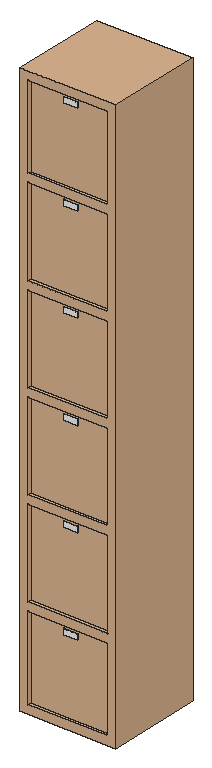
Revit family
Parameters (values of type "Locker_Athletic_Six-Tier_ASI")
  Width = 1' - 0"
  Warranty Duration (Years) = 0
  URL = "http://www.asilockers.com/"
  Tall = Height > 5' 0"  # yes
  Specification = "http://www.arcat.com/sdspecs/htm/10503asi.htm"
  Send Message = "http://www.arcat.com/users.pl?action=UserEmail&company=ASI%20Storage%20Solutions%20Inc.&coid=42798&rep=139&fax=901-312-6197&mf="
  Sales Information = "http://www.asilockers.com/company.html"
  Revision = "R1_08-2010"
  Product Properties = "http://www.arcat.com/bim/bim_info.pl?fn=ASIStorage"
  Product Data = "http://www.arcat.com/arcatcos/cos42/arc42798.html"
  Number Plate Material = Metal - Polished Aluminum
  Model = "As Specified in 10 51 13"
  Material = Metal - Mild Steel, ASTM A1008
  Manufacturer Website = "http://www.asilockers.com/"
  Manufacturer Phone = "901-312-6195 "
  Manufacturer Fax = "901-312-6197"
  Manufacturer Address = "4444 Delp St., Memphis, TN 38118"
  Manufacturer = "ASI Storage Solutions Inc."
  Maintenance Schedule (Months) = 0
  Lock Catch Trim = Plastic - White
  Keynote = "10 51 13"
  Installation-Fabrication = "http://www.asilockers.com/installation-assembly/installation.pdf"
  Installation Phase = ""
  Height = 6' - 0"
  Finish = "Hybrid Epoxy/Polyester Powder Coating"
  Expected Lifespan (Years) = 0
  Drawn By = "Robert S. Weygant, CSI, CDT, SCIP"
  Description = "As Specified in 10 51 13"
  Depth = 1' - 0"
  Copyright = "2010, ARCAT, Inc"
  Construction Details = "http://www.asilockers.com/installation-assembly/one-page-assembly.pdf"
  Color Chart = "http://www.asilockers.com/color-guide.html"
  Color [instance] = Paint - Almond #03
  Assembly Code = "E2010200"
Reference planes (in)
  plane 1 "Center (Front/Back)": y = 0
  plane 2 "Bottom": z = 0
  plane 3 "Center (Left/Right)": x = 0
  plane 4 "Front": y = -6
  plane 5 "Back": y = 6
  plane 6 "Left": x = -6
  plane 7 "Right": x = 6
  plane 8 "Top": z = 72
  plane 9 "TO Legs": z = 0
  plane 10 "General Ref 2": z = 60
  plane 11 "General Ref 3": z = 48
  plane 12 "General Ref 4": z = 36
  plane 13 "General Ref 1": z = 71.5
  plane 14 "General Ref 5": z = 0.5
  plane 15 "General Ref 6": z = 24
  plane 16 "General Ref 7": z = 12
Forms (in)
  Extrusion 1, solid, material "Paint - Almond #03" <- "Color"
    sketch origin (0, 0, 0) x (1, 0, 0) y (0, 0, 1)
      loop
        line (-6, 72) -> (-6, 0) -> (6, 0) -> (6, 72) -> (-6, 72)
      loop
        line (5, 71) -> (-5, 71) -> (-5, 60.5) -> (5, 60.5) -> (5, 71)
      loop
        line (-5, 1) -> (5, 1) -> (5, 11.5) -> (-5, 11.5) -> (-5, 1)
      loop
        line (-5, 59.5) -> (-5, 48.5) -> (5, 48.5) -> (5, 59.5) -> (-5, 59.5)
      loop
        line (-5, 47.5) -> (-5, 36.5) -> (5, 36.5) -> (5, 47.5) -> (-5, 47.5)
      loop
        line (-5, 35.5) -> (-5, 24.5) -> (5, 24.5) -> (5, 35.5) -> (-5, 35.5)
      loop
        line (-5, 23.5) -> (-5, 12.5) -> (5, 12.5) -> (5, 23.5) -> (-5, 23.5)
    from -6 to 6
  Extrusion 2, solid, material "Paint - Almond #03" <- "Color"
    sketch origin (0, 0, 0) x (1, 0, 0) y (0, 0, 1)
      loop
        line (5, 71) -> (-5, 71) -> (-5, 1) -> (5, 1) -> (5, 71)
    from -6 to 5.52075
Cuts and joins
  joined: Extrusion 1, Extrusion 2
Lines and regions (in)
  model lines
    curve 1: line (-6, -5, 71) -> (-6, 5, 71)
    curve 2: line (-6, 5, 71) -> (-6, 5, 1)
    curve 3: line (-6, -5, 1) -> (-6, -5, 71)
    curve 4: line (-6, 5, 1) -> (-6, -5, 1)
    curve 5: line (6, 5, 71) -> (6, -5, 71)
    curve 6: line (6, 5, 1) -> (6, 5, 71)
    curve 7: line (6, -5, 71) -> (6, -5, 1)
    curve 8: line (6, -5, 1) -> (6, 5, 1)
Dimensions and locks (in)
  equal spacing: plane 6 "Left", plane 3 "Center (Left/Right)", plane 7 "Right"
  equal spacing: plane 5 "Back", plane 1 "Center (Front/Back)", plane 4 "Front"
  "Width": plane 6 "Left" to plane 7 "Right"
  "Depth": plane 5 "Back" to plane 4 "Front"
  "Height": plane 8 "Top" to level
  locked: plane 4 "Front" to Extrusion 2 at 0.47925
  equal spacing: plane 8 "Top", plane 10 "General Ref 2", plane 11 "General Ref 3", plane 12 "General Ref 4", plane 15 "General Ref 6", plane 16 "General Ref 7", plane 9 "TO Legs"
  locked: plane 8 "Top" to plane 13 "General Ref 1" at 0.5
  locked: plane 14 "General Ref 5" to plane 9 "TO Legs" at 0.5
  locked: plane 13 "General Ref 1" to nested 1 at 1.5
  locked: plane 10 "General Ref 2" to nested 2 at 1.5
  locked: plane 11 "General Ref 3" to nested 3 at 1.5
  locked: plane 12 "General Ref 4" to nested 4 at 1.5
  locked: plane 15 "General Ref 6" to nested 5 at 1.5
  locked: plane 16 "General Ref 7" to nested 6 at 1.5
  locked: nested 7 to plane 3 "Center (Left/Right)" at 0.25
  equal spacing: plane 16 "General Ref 7", nested 10, plane 14 "General Ref 5"
  equal spacing: plane 15 "General Ref 6", nested 12, plane 16 "General Ref 7"
  equal spacing: plane 12 "General Ref 4", nested 14, plane 15 "General Ref 6"
  equal spacing: plane 11 "General Ref 3", nested 16, plane 12 "General Ref 4"
  equal spacing: plane 10 "General Ref 2", nested 18, plane 11 "General Ref 3"
  equal spacing: plane 13 "General Ref 1", nested 20, plane 10 "General Ref 2"
  aligned and locked: plane 5 "Back" to Extrusion 1
  aligned and locked: Extrusion 1 to plane 4 "Front"
  aligned and locked: plane 5 "Back" to Extrusion 2
  aligned and locked: plane 3 "Center (Left/Right)" to nested 1
  aligned and locked: plane 3 "Center (Left/Right)" to nested 2
  aligned and locked: plane 3 "Center (Left/Right)" to nested 3
  aligned and locked: plane 3 "Center (Left/Right)" to nested 5
  aligned and locked: plane 3 "Center (Left/Right)" to nested 4
  aligned and locked: nested 9 to plane 1 "Center (Front/Back)"
  aligned and locked: plane 1 "Center (Front/Back)" to nested 8
  aligned and locked: nested 9 to plane 12 "General Ref 4"
  aligned and locked: nested 8 to plane 12 "General Ref 4"
  aligned and locked: cut or joined group of Extrusion 1, Extrusion 2 to nested 10
  aligned and locked: nested 10 to cut or joined group of Extrusion 1, Extrusion 2
  aligned and locked: cut or joined group of Extrusion 1, Extrusion 2 to nested 12
  aligned and locked: cut or joined group of Extrusion 1, Extrusion 2 to nested 14
  aligned and locked: cut or joined group of Extrusion 1, Extrusion 2 to nested 16
  aligned and locked: cut or joined group of Extrusion 1, Extrusion 2 to nested 18
  aligned and locked: cut or joined group of Extrusion 1, Extrusion 2 to nested 20
  aligned and locked: nested 7 to nested 11
  aligned and locked: nested 7 to nested 13
  aligned and locked: nested 7 to nested 15
  aligned and locked: nested 7 to nested 17
  aligned and locked: nested 7 to nested 19
  aligned and locked: nested 10 to nested 7
  aligned and locked: nested 12 to nested 11
  aligned and locked: nested 14 to nested 13
  aligned and locked: nested 16 to nested 15
  aligned and locked: nested 18 to nested 17
  aligned and locked: nested 20 to nested 19
Automatic sketch dimensions
  Extrusion 1 sketch curve to plane 6 "Left" = 0' - 0"
  Extrusion 1 sketch curve to plane 7 "Right" = 0' - 0"
  Extrusion 1 sketch curve to plane 9 "TO Legs" = 0' - 0"
  Extrusion 1 sketch curve to plane 8 "Top" = 0' - 0"
  plane 6 "Left" to Extrusion 1 sketch curve = 0' - 1"  (x5)
  Extrusion 1 sketch curve to Extrusion 1 sketch curve = 0' - 0"  (x5)
  Extrusion 1 sketch curve to plane 7 "Right" = 0' - 1"  (x2)
  Extrusion 1 sketch curve to plane 14 "General Ref 5" = 0' - 0 1/2"
  Extrusion 1 sketch curve to plane 16 "General Ref 7" = 0' - 0 1/2"
  plane 16 "General Ref 7" to Extrusion 1 sketch curve = 0' - 0 1/2"
  Extrusion 1 sketch curve to plane 15 "General Ref 6" = 0' - 0 1/2"
  plane 15 "General Ref 6" to Extrusion 1 sketch curve = 0' - 0 1/2"
  Extrusion 1 sketch curve to plane 12 "General Ref 4" = 0' - 0 1/2"
  plane 12 "General Ref 4" to Extrusion 1 sketch curve = 0' - 0 1/2"
  Extrusion 1 sketch curve to plane 11 "General Ref 3" = 0' - 0 1/2"
  plane 11 "General Ref 3" to Extrusion 1 sketch curve = 0' - 0 1/2"
  Extrusion 1 sketch curve to plane 10 "General Ref 2" = 0' - 0 1/2"
  plane 10 "General Ref 2" to Extrusion 1 sketch curve = 0' - 0 1/2"
  Extrusion 1 sketch curve to plane 13 "General Ref 1" = 0' - 0 1/2"
  plane 6 "Left" to Extrusion 2 sketch curve = 0' - 1"
  Extrusion 2 sketch curve to plane 7 "Right" = 0' - 1"
  Extrusion 2 sketch curve to plane 14 "General Ref 5" = 0' - 0 1/2"
  Extrusion 2 sketch curve to plane 13 "General Ref 1" = 0' - 0 1/2"
  curve 4 to Extrusion 1 = 0' - 1"
  Extrusion 1 to curve 3 = 0' - 1"  (x2)
  Extrusion 1 to curve 2 = 0' - 1"
  Extrusion 1 to curve 5 = 0' - 1"  (x2)
  Extrusion 1 to curve 7 = 0' - 1"
  Extrusion 1 to curve 6 = 0' - 1"
Nested families (in)
  nested 1: "Number Plate" at (0, -5.52075, 70) x (1, 0, 0) z (0, -1, 0), type "Number Plate"
  nested 2: "Number Plate" at (0, -5.52075, 58.5) x (1, 0, 0) z (0, -1, 0), type "Number Plate"
  nested 3: "Number Plate" at (0, -5.52075, 46.5) x (1, 0, 0) z (0, -1, 0), type "Number Plate"
  nested 4: "Number Plate" at (0, -5.52075, 34.5) x (1, 0, 0) z (0, -1, 0), type "Number Plate"
  nested 5: "Number Plate" at (0, -5.52075, 22.5) x (1, 0, 0) z (0, -1, 0), type "Number Plate"
  nested 6: "Number Plate" at (0, -5.52075, 10.5) x (1, 0, 0) z (0, -1, 0), type "Number Plate"
  nested 7: "Grille-Diamonds-7x4sm" at (0.25, -5.52075, 6.25) x (1, 0, 0) z (0, -1, 0), type "Grille-Diamonds-7x4sm"
  nested 8: "Grille-Diamonds-3x38or32" at (-6, 0, 36) x (0, -1, 0) z (-1, 0, 0), type "Grille-Diamonds-3x38or32"
  nested 9: "Grille-Diamonds-3x38or32" at (6, 0, 36) x (0, 1, 0) z (1, 0, 0), type "Grille-Diamonds-3x38or32"
  nested 10: "Latch-Lines-6-Tier" at (-5, -5.52075, 6.25) x (1, 0, 0) z (0, -1, 0), type "Latch-Lines-6-Tier"
  nested 11: "Grille-Diamonds-7x4sm" at (0.25, -5.52075, 18) x (1, 0, 0) z (0, -1, 0), type "Grille-Diamonds-7x4sm"
  nested 12: "Latch-Lines-6-Tier" at (-5, -5.52075, 18) x (1, 0, 0) z (0, -1, 0), type "Latch-Lines-6-Tier"
  nested 13: "Grille-Diamonds-7x4sm" at (0.25, -5.52075, 30) x (1, 0, 0) z (0, -1, 0), type "Grille-Diamonds-7x4sm"
  nested 14: "Latch-Lines-6-Tier" at (-5, -5.52075, 30) x (1, 0, 0) z (0, -1, 0), type "Latch-Lines-6-Tier"
  nested 15: "Grille-Diamonds-7x4sm" at (0.25, -5.52075, 42) x (1, 0, 0) z (0, -1, 0), type "Grille-Diamonds-7x4sm"
  nested 16: "Latch-Lines-6-Tier" at (-5, -5.52075, 42) x (1, 0, 0) z (0, -1, 0), type "Latch-Lines-6-Tier"
  nested 17: "Grille-Diamonds-7x4sm" at (0.25, -5.52075, 54) x (1, 0, 0) z (0, -1, 0), type "Grille-Diamonds-7x4sm"
  nested 18: "Latch-Lines-6-Tier" at (-5, -5.52075, 54) x (1, 0, 0) z (0, -1, 0), type "Latch-Lines-6-Tier"
  nested 19: "Grille-Diamonds-7x4sm" at (0.25, -5.52075, 65.75) x (1, 0, 0) z (0, -1, 0), type "Grille-Diamonds-7x4sm"
  nested 20: "Latch-Lines-6-Tier" at (-5, -5.52075, 65.75) x (1, 0, 0) z (0, -1, 0), type "Latch-Lines-6-Tier"
Definition of nested family "Number Plate"
  Parameters
    Number Plate Material = none
    Default Elevation = 4' - 0"
  Reference planes (in)
    plane 1 "Center (Front/Back)": y = 0
    plane 2: z = 0
    plane 3 "Center (Left/Right)": x = 0
  Forms (in)
    Extrusion 1, solid, material "Metal - Polished Aluminum" <- "Number Plate Material"
      sketch origin (0, 50.91051, 0.0625) x (0, -1, 0) y (-1, 0, 0)
        loop
          line (51.25426, 0.84375) -> (50.56676, 0.84375) -> (50.56676, -0.84375) -> (51.25426, -0.84375) -> (51.25426, 0.84375)
      from 0 to 0.0625
  Dimensions and locks (in)
    Extrusion 1 to Extrusion 1 = 0' - 1 11/16"
Definition of nested family "Grille-Diamonds-7x4sm"
  Parameters (values of type "Grille-Diamonds-7x4sm")
    Default Elevation = 0' - 0"
    Assembly Code = ""
  Reference planes (in)
    plane 1 "Center (Front/Back)": y = 0
    plane 2: z = 0
    plane 3 "Center (Left/Right)": x = 0
  Forms (in)
    Extrusion 1, solid
      sketch origin (0, 0, 0) x (1, 0, 0) y (0, 1, 0)
        loop
          line (-48, 76.2223) -> (-48, -48) -> (48, -48) -> (48, 76.2223) -> (-48, 76.2223)
      from 0 to -12
  Lines and regions (in)
    model lines
      curve 1: line (-0.81292, -1.03027, 0) -> (-1.05447, -1.49414, 0)
      curve 2: line (-0.81292, -1.95801, 0) -> (-1.05447, -1.49414, 0)
      curve 3: line (-0.81292, -1.03027, 0) -> (-0.57138, -1.49414, 0)
      curve 4: line (-0.81292, -1.95801, 0) -> (-0.57138, -1.49414, 0)
      curve 5: line (0, -1.03027, 0) -> (-0.24154, -1.49414, 0)
      curve 6: line (0, -1.95801, 0) -> (-0.24154, -1.49414, 0)
      curve 7: line (0, -1.03027, 0) -> (0.24154, -1.49414, 0)
      curve 8: line (0, -1.95801, 0) -> (0.24154, -1.49414, 0)
      curve 9: line (-0.40646, -1.45996, 0) -> (-0.16492, -0.99609, 0)
      curve 10: line (-0.40646, -0.53223, 0) -> (-0.16492, -0.99609, 0)
      curve 11: line (-0.40646, -1.45996, 0) -> (-0.64801, -0.99609, 0)
      curve 12: line (-0.40646, -0.53223, 0) -> (-0.64801, -0.99609, 0)
      curve 13: line (-0.81292, -0.03418, 0) -> (-1.05447, -0.49805, 0)
      curve 14: line (-0.81292, -0.96191, 0) -> (-1.05447, -0.49805, 0)
      curve 15: line (-0.81292, -0.03418, 0) -> (-0.57138, -0.49805, 0)
      curve 16: line (-0.81292, -0.96191, 0) -> (-0.57138, -0.49805, 0)
      curve 17: line (0, -0.03418, 0) -> (-0.24154, -0.49805, 0)
      curve 18: line (0, -0.96191, 0) -> (-0.24154, -0.49805, 0)
      curve 19: line (0, -0.03418, 0) -> (0.24154, -0.49805, 0)
      curve 20: line (0, -0.96191, 0) -> (0.24154, -0.49805, 0)
      curve 21: line (-0.40646, -0.46387, 0) -> (-0.16492, 0, 0)
      curve 22: line (-0.40646, 0.46387, 0) -> (-0.16492, 0, 0)
      curve 23: line (-0.40646, -0.46387, 0) -> (-0.64801, 0, 0)
      curve 24: line (-0.40646, 0.46387, 0) -> (-0.64801, 0, 0)
      curve 25: line (-0.81292, 0.96191, 0) -> (-1.05447, 0.49805, 0)
      curve 26: line (-0.81292, 0.03418, 0) -> (-1.05447, 0.49805, 0)
      curve 27: line (-0.81292, 0.96191, 0) -> (-0.57138, 0.49805, 0)
      curve 28: line (-0.81292, 0.03418, 0) -> (-0.57138, 0.49805, 0)
      curve 29: line (0, 0.96191, 0) -> (-0.24154, 0.49805, 0)
      curve 30: line (0, 0.03418, 0) -> (-0.24154, 0.49805, 0)
      curve 31: line (0, 0.96191, 0) -> (0.24154, 0.49805, 0)
      curve 32: line (0, 0.03418, 0) -> (0.24154, 0.49805, 0)
      curve 33: line (-0.40646, 0.53223, 0) -> (-0.16492, 0.99609, 0)
      curve 34: line (-0.40646, 1.45996, 0) -> (-0.16492, 0.99609, 0)
      curve 35: line (-0.40646, 0.53223, 0) -> (-0.64801, 0.99609, 0)
      curve 36: line (-0.40646, 1.45996, 0) -> (-0.64801, 0.99609, 0)
      curve 37: line (-0.81292, 1.95801, 0) -> (-1.05447, 1.49414, 0)
      curve 38: line (-0.81292, 1.03027, 0) -> (-1.05447, 1.49414, 0)
      curve 39: line (-0.81292, 1.95801, 0) -> (-0.57138, 1.49414, 0)
      curve 40: line (-0.81292, 1.03027, 0) -> (-0.57138, 1.49414, 0)
      curve 41: line (0, 1.95801, 0) -> (-0.24154, 1.49414, 0)
      curve 42: line (0, 1.03027, 0) -> (-0.24154, 1.49414, 0)
      curve 43: line (0, 1.95801, 0) -> (0.24154, 1.49414, 0)
      curve 44: line (0, 1.03027, 0) -> (0.24154, 1.49414, 0)
      curve 45: line (0.81292, -1.03027, 0) -> (1.05447, -1.49414, 0)
      curve 46: line (0.81292, -1.95801, 0) -> (1.05447, -1.49414, 0)
      curve 47: line (0.81292, -1.03027, 0) -> (0.57138, -1.49414, 0)
      curve 48: line (0.81292, -1.95801, 0) -> (0.57138, -1.49414, 0)
      curve 49: line (0.40646, -1.45996, 0) -> (0.16492, -0.99609, 0)
      curve 50: line (0.40646, -0.53223, 0) -> (0.16492, -0.99609, 0)
      curve 51: line (0.40646, -1.45996, 0) -> (0.64801, -0.99609, 0)
      curve 52: line (0.40646, -0.53223, 0) -> (0.64801, -0.99609, 0)
      curve 53: line (0.81292, -0.03418, 0) -> (1.05447, -0.49805, 0)
      curve 54: line (0.81292, -0.96191, 0) -> (1.05447, -0.49805, 0)
      curve 55: line (0.81292, -0.03418, 0) -> (0.57138, -0.49805, 0)
      curve 56: line (0.81292, -0.96191, 0) -> (0.57138, -0.49805, 0)
      curve 57: line (0.40646, -0.46387, 0) -> (0.16492, 0, 0)
      curve 58: line (0.40646, 0.46387, 0) -> (0.16492, 0, 0)
      curve 59: line (0.40646, -0.46387, 0) -> (0.64801, 0, 0)
      curve 60: line (0.40646, 0.46387, 0) -> (0.64801, 0, 0)
      curve 61: line (0.81292, 0.96191, 0) -> (1.05447, 0.49805, 0)
      curve 62: line (0.81292, 0.03418, 0) -> (1.05447, 0.49805, 0)
      curve 63: line (0.81292, 0.96191, 0) -> (0.57138, 0.49805, 0)
      curve 64: line (0.81292, 0.03418, 0) -> (0.57138, 0.49805, 0)
      curve 65: line (0.40646, 0.53223, 0) -> (0.16492, 0.99609, 0)
      curve 66: line (0.40646, 1.45996, 0) -> (0.16492, 0.99609, 0)
      curve 67: line (0.40646, 0.53223, 0) -> (0.64801, 0.99609, 0)
      curve 68: line (0.40646, 1.45996, 0) -> (0.64801, 0.99609, 0)
      curve 69: line (0.81292, 1.95801, 0) -> (1.05447, 1.49414, 0)
      curve 70: line (0.81292, 1.03027, 0) -> (1.05447, 1.49414, 0)
      curve 71: line (0.81292, 1.95801, 0) -> (0.57138, 1.49414, 0)
      curve 72: line (0.81292, 1.03027, 0) -> (0.57138, 1.49414, 0)
      curve 73: line (-2.43877, -1.03027, 0) -> (-2.68031, -1.49414, 0)
      curve 74: line (-2.43877, -1.95801, 0) -> (-2.68031, -1.49414, 0)
      curve 75: line (-2.43877, -1.03027, 0) -> (-2.19722, -1.49414, 0)
      curve 76: line (-2.43877, -1.95801, 0) -> (-2.19722, -1.49414, 0)
      curve 77: line (-1.62584, -1.03027, 0) -> (-1.86739, -1.49414, 0)
      curve 78: line (-1.62584, -1.95801, 0) -> (-1.86739, -1.49414, 0)
      curve 79: line (-1.62584, -1.03027, 0) -> (-1.3843, -1.49414, 0)
      curve 80: line (-1.62584, -1.95801, 0) -> (-1.3843, -1.49414, 0)
      curve 81: line (-2.0323, -1.45996, 0) -> (-1.79076, -0.99609, 0)
      curve 82: line (-2.0323, -0.53223, 0) -> (-1.79076, -0.99609, 0)
      curve 83: line (-2.0323, -1.45996, 0) -> (-2.27385, -0.99609, 0)
      curve 84: line (-2.0323, -0.53223, 0) -> (-2.27385, -0.99609, 0)
      curve 85: line (-2.43877, -0.03418, 0) -> (-2.68031, -0.49805, 0)
      curve 86: line (-2.43877, -0.96191, 0) -> (-2.68031, -0.49805, 0)
      curve 87: line (-2.43877, -0.03418, 0) -> (-2.19722, -0.49805, 0)
      curve 88: line (-2.43877, -0.96191, 0) -> (-2.19722, -0.49805, 0)
      curve 89: line (-1.62584, -0.03418, 0) -> (-1.86739, -0.49805, 0)
      curve 90: line (-1.62584, -0.96191, 0) -> (-1.86739, -0.49805, 0)
      curve 91: line (-1.62584, -0.03418, 0) -> (-1.3843, -0.49805, 0)
      curve 92: line (-1.62584, -0.96191, 0) -> (-1.3843, -0.49805, 0)
      curve 93: line (-2.0323, -0.46387, 0) -> (-1.79076, 0, 0)
      curve 94: line (-2.0323, 0.46387, 0) -> (-1.79076, 0, 0)
      curve 95: line (-2.0323, -0.46387, 0) -> (-2.27385, 0, 0)
      curve 96: line (-2.0323, 0.46387, 0) -> (-2.27385, 0, 0)
      curve 97: line (-2.43877, 0.96191, 0) -> (-2.68031, 0.49805, 0)
      curve 98: line (-2.43877, 0.03418, 0) -> (-2.68031, 0.49805, 0)
      curve 99: line (-2.43877, 0.96191, 0) -> (-2.19722, 0.49805, 0)
      curve 100: line (-2.43877, 0.03418, 0) -> (-2.19722, 0.49805, 0)
      curve 101: line (-1.62584, 0.96191, 0) -> (-1.86739, 0.49805, 0)
      curve 102: line (-1.62584, 0.03418, 0) -> (-1.86739, 0.49805, 0)
      curve 103: line (-1.62584, 0.96191, 0) -> (-1.3843, 0.49805, 0)
      curve 104: line (-1.62584, 0.03418, 0) -> (-1.3843, 0.49805, 0)
      curve 105: line (-2.0323, 0.53223, 0) -> (-1.79076, 0.99609, 0)
      curve 106: line (-2.0323, 1.45996, 0) -> (-1.79076, 0.99609, 0)
      curve 107: line (-2.0323, 0.53223, 0) -> (-2.27385, 0.99609, 0)
      curve 108: line (-2.0323, 1.45996, 0) -> (-2.27385, 0.99609, 0)
      curve 109: line (-2.43877, 1.95801, 0) -> (-2.68031, 1.49414, 0)
      curve 110: line (-2.43877, 1.03027, 0) -> (-2.68031, 1.49414, 0)
      curve 111: line (-2.43877, 1.95801, 0) -> (-2.19722, 1.49414, 0)
      curve 112: line (-2.43877, 1.03027, 0) -> (-2.19722, 1.49414, 0)
      curve 113: line (-1.62584, 1.95801, 0) -> (-1.86739, 1.49414, 0)
      curve 114: line (-1.62584, 1.03027, 0) -> (-1.86739, 1.49414, 0)
      curve 115: line (-1.62584, 1.95801, 0) -> (-1.3843, 1.49414, 0)
      curve 116: line (-1.62584, 1.03027, 0) -> (-1.3843, 1.49414, 0)
      curve 117: line (-1.21938, -1.45996, 0) -> (-1.46093, -0.99609, 0)
      curve 118: line (-1.21938, -0.53223, 0) -> (-1.46093, -0.99609, 0)
      curve 119: line (-1.21938, -1.45996, 0) -> (-0.97784, -0.99609, 0)
      curve 120: line (-1.21938, -0.53223, 0) -> (-0.97784, -0.99609, 0)
      curve 121: line (-1.21938, -0.46387, 0) -> (-1.46093, 0, 0)
      curve 122: line (-1.21938, 0.46387, 0) -> (-1.46093, 0, 0)
      curve 123: line (-1.21938, -0.46387, 0) -> (-0.97784, 0, 0)
      curve 124: line (-1.21938, 0.46387, 0) -> (-0.97784, 0, 0)
      curve 125: line (-1.21938, 0.53223, 0) -> (-1.46093, 0.99609, 0)
      curve 126: line (-1.21938, 1.45996, 0) -> (-1.46093, 0.99609, 0)
      curve 127: line (-1.21938, 0.53223, 0) -> (-0.97784, 0.99609, 0)
      curve 128: line (-1.21938, 1.45996, 0) -> (-0.97784, 0.99609, 0)
      curve 129: line (1.21938, -1.45996, 0) -> (1.46093, -0.99609, 0)
      curve 130: line (1.21938, -0.53223, 0) -> (1.46093, -0.99609, 0)
      curve 131: line (1.21938, -1.45996, 0) -> (0.97784, -0.99609, 0)
      curve 132: line (1.21938, -0.53223, 0) -> (0.97784, -0.99609, 0)
      curve 133: line (1.21938, -0.46387, 0) -> (1.46093, 0, 0)
      curve 134: line (1.21938, 0.46387, 0) -> (1.46093, 0, 0)
      curve 135: line (1.21938, -0.46387, 0) -> (0.97784, 0, 0)
      curve 136: line (1.21938, 0.46387, 0) -> (0.97784, 0, 0)
      curve 137: line (1.21938, 0.53223, 0) -> (1.46093, 0.99609, 0)
      curve 138: line (1.21938, 1.45996, 0) -> (1.46093, 0.99609, 0)
      curve 139: line (1.21938, 0.53223, 0) -> (0.97784, 0.99609, 0)
      curve 140: line (1.21938, 1.45996, 0) -> (0.97784, 0.99609, 0)
      curve 141: line (1.62584, -1.03027, 0) -> (1.3843, -1.49414, 0)
      curve 142: line (1.62584, -1.95801, 0) -> (1.3843, -1.49414, 0)
      curve 143: line (1.62584, -1.03027, 0) -> (1.86739, -1.49414, 0)
      curve 144: line (1.62584, -1.95801, 0) -> (1.86739, -1.49414, 0)
      curve 145: line (1.62584, -0.03418, 0) -> (1.3843, -0.49805, 0)
      curve 146: line (1.62584, -0.96191, 0) -> (1.3843, -0.49805, 0)
      curve 147: line (1.62584, -0.03418, 0) -> (1.86739, -0.49805, 0)
      curve 148: line (1.62584, -0.96191, 0) -> (1.86739, -0.49805, 0)
      curve 149: line (1.62584, 0.96191, 0) -> (1.3843, 0.49805, 0)
      curve 150: line (1.62584, 0.03418, 0) -> (1.3843, 0.49805, 0)
      curve 151: line (1.62584, 0.96191, 0) -> (1.86739, 0.49805, 0)
      curve 152: line (1.62584, 0.03418, 0) -> (1.86739, 0.49805, 0)
      curve 153: line (1.62584, 1.95801, 0) -> (1.3843, 1.49414, 0)
      curve 154: line (1.62584, 1.03027, 0) -> (1.3843, 1.49414, 0)
      curve 155: line (1.62584, 1.95801, 0) -> (1.86739, 1.49414, 0)
      curve 156: line (1.62584, 1.03027, 0) -> (1.86739, 1.49414, 0)
      curve 157: line (2.0323, -1.45996, 0) -> (2.27385, -0.99609, 0)
      curve 158: line (2.0323, -0.53223, 0) -> (2.27385, -0.99609, 0)
      curve 159: line (2.0323, -1.45996, 0) -> (1.79076, -0.99609, 0)
      curve 160: line (2.0323, -0.53223, 0) -> (1.79076, -0.99609, 0)
      curve 161: line (2.0323, -0.46387, 0) -> (2.27385, 0, 0)
      curve 162: line (2.0323, 0.46387, 0) -> (2.27385, 0, 0)
      curve 163: line (2.0323, -0.46387, 0) -> (1.79076, 0, 0)
      curve 164: line (2.0323, 0.46387, 0) -> (1.79076, 0, 0)
      curve 165: line (2.0323, 0.53223, 0) -> (2.27385, 0.99609, 0)
      curve 166: line (2.0323, 1.45996, 0) -> (2.27385, 0.99609, 0)
      curve 167: line (2.0323, 0.53223, 0) -> (1.79076, 0.99609, 0)
      curve 168: line (2.0323, 1.45996, 0) -> (1.79076, 0.99609, 0)
      curve 169: line (2.43877, -1.03027, 0) -> (2.19722, -1.49414, 0)
      curve 170: line (2.43877, -1.95801, 0) -> (2.19722, -1.49414, 0)
      curve 171: line (2.43877, -1.03027, 0) -> (2.68031, -1.49414, 0)
      curve 172: line (2.43877, -1.95801, 0) -> (2.68031, -1.49414, 0)
      curve 173: line (2.43877, -0.03418, 0) -> (2.19722, -0.49805, 0)
      curve 174: line (2.43877, -0.96191, 0) -> (2.19722, -0.49805, 0)
      curve 175: line (2.43877, -0.03418, 0) -> (2.68031, -0.49805, 0)
      curve 176: line (2.43877, -0.96191, 0) -> (2.68031, -0.49805, 0)
      curve 177: line (2.43877, 0.96191, 0) -> (2.19722, 0.49805, 0)
      curve 178: line (2.43877, 0.03418, 0) -> (2.19722, 0.49805, 0)
      curve 179: line (2.43877, 0.96191, 0) -> (2.68031, 0.49805, 0)
      curve 180: line (2.43877, 0.03418, 0) -> (2.68031, 0.49805, 0)
      curve 181: line (2.43877, 1.95801, 0) -> (2.19722, 1.49414, 0)
      curve 182: line (2.43877, 1.03027, 0) -> (2.19722, 1.49414, 0)
      curve 183: line (2.43877, 1.95801, 0) -> (2.68031, 1.49414, 0)
      curve 184: line (2.43877, 1.03027, 0) -> (2.68031, 1.49414, 0)
      curve 185: line (-0.40646, 1.52832, 0) -> (-0.16492, 1.99219, 0)
      curve 186: line (-0.40646, 2.45605, 0) -> (-0.16492, 1.99219, 0)
      curve 187: line (-0.40646, 1.52832, 0) -> (-0.64801, 1.99219, 0)
      curve 188: line (-0.40646, 2.45605, 0) -> (-0.64801, 1.99219, 0)
      curve 189: line (0.40646, 1.52832, 0) -> (0.16492, 1.99219, 0)
      curve 190: line (0.40646, 2.45605, 0) -> (0.16492, 1.99219, 0)
      curve 191: line (0.40646, 1.52832, 0) -> (0.64801, 1.99219, 0)
      curve 192: line (0.40646, 2.45605, 0) -> (0.64801, 1.99219, 0)
      curve 193: line (-2.0323, 1.52832, 0) -> (-1.79076, 1.99219, 0)
      curve 194: line (-2.0323, 2.45605, 0) -> (-1.79076, 1.99219, 0)
      curve 195: line (-2.0323, 1.52832, 0) -> (-2.27385, 1.99219, 0)
      curve 196: line (-2.0323, 2.45605, 0) -> (-2.27385, 1.99219, 0)
      curve 197: line (-1.21938, 1.52832, 0) -> (-1.46093, 1.99219, 0)
      curve 198: line (-1.21938, 2.45605, 0) -> (-1.46093, 1.99219, 0)
      curve 199: line (-1.21938, 1.52832, 0) -> (-0.97784, 1.99219, 0)
      curve 200: line (-1.21938, 2.45605, 0) -> (-0.97784, 1.99219, 0)
      curve 201: line (1.21938, 1.52832, 0) -> (1.46093, 1.99219, 0)
      curve 202: line (1.21938, 2.45605, 0) -> (1.46093, 1.99219, 0)
      curve 203: line (1.21938, 1.52832, 0) -> (0.97784, 1.99219, 0)
      curve 204: line (1.21938, 2.45605, 0) -> (0.97784, 1.99219, 0)
      curve 205: line (2.0323, 1.52832, 0) -> (2.27385, 1.99219, 0)
      curve 206: line (2.0323, 2.45605, 0) -> (2.27385, 1.99219, 0)
      curve 207: line (2.0323, 1.52832, 0) -> (1.79076, 1.99219, 0)
      curve 208: line (2.0323, 2.45605, 0) -> (1.79076, 1.99219, 0)
      curve 209: line (2.84523, -1.45996, 0) -> (2.60368, -0.99609, 0)
      curve 210: line (2.84523, -0.53223, 0) -> (2.60368, -0.99609, 0)
      curve 211: line (2.84523, -1.45996, 0) -> (3.08677, -0.99609, 0)
      curve 212: line (2.84523, -0.53223, 0) -> (3.08677, -0.99609, 0)
      curve 213: line (2.84523, -0.46387, 0) -> (2.60368, 0, 0)
      curve 214: line (2.84523, 0.46387, 0) -> (2.60368, 0, 0)
      curve 215: line (2.84523, -0.46387, 0) -> (3.08677, 0, 0)
      curve 216: line (2.84523, 0.46387, 0) -> (3.08677, 0, 0)
      curve 217: line (2.84523, 0.53223, 0) -> (2.60368, 0.99609, 0)
      curve 218: line (2.84523, 1.45996, 0) -> (2.60368, 0.99609, 0)
      curve 219: line (2.84523, 0.53223, 0) -> (3.08677, 0.99609, 0)
      curve 220: line (2.84523, 1.45996, 0) -> (3.08677, 0.99609, 0)
      curve 221: line (2.84523, 1.52832, 0) -> (2.60368, 1.99219, 0)
      curve 222: line (2.84523, 2.45605, 0) -> (2.60368, 1.99219, 0)
      curve 223: line (2.84523, 1.52832, 0) -> (3.08677, 1.99219, 0)
      curve 224: line (2.84523, 2.45605, 0) -> (3.08677, 1.99219, 0)
  Dimensions and locks (in)
    aligned and locked: plane 2 to Extrusion 1
    aligned and locked: level to Extrusion 1
Definition of nested family "Grille-Diamonds-3x38or32"
  Parameters (values of type "Grille-Diamonds-3x38or32")
    Tall = yes
    Default Elevation = 0' - 0"
    Assembly Code = ""
  Reference planes (in)
    plane 1 "Center (Front/Back)": y = 0
    plane 2: z = 0
    plane 3 "Center (Left/Right)": x = 0
  Forms (in)
    Extrusion 1, solid
      sketch origin (0, 0, 0) x (1, 0, 0) y (0, 1, 0)
        loop
          line (-48, 76.2223) -> (-48, -48) -> (48, -48) -> (48, 76.2223) -> (-48, 76.2223)
      from 0 to -12
  Lines and regions (in)
    model lines, visible <- "Tall"
      curve 1: line (-1.30067, -29.14062, 0) -> (-1.68715, -29.88281, 0)
      curve 2: line (-1.30067, -30.625, 0) -> (-1.68715, -29.88281, 0)
      curve 3: line (-1.30067, -29.14062, 0) -> (-0.9142, -29.88281, 0)
      curve 4: line (-1.30067, -30.625, 0) -> (-0.9142, -29.88281, 0)
      curve 5: line (0, -29.14062, 0) -> (-0.38647, -29.88281, 0)
      curve 6: line (0, -30.625, 0) -> (-0.38647, -29.88281, 0)
      curve 7: line (0, -29.14062, 0) -> (0.38647, -29.88281, 0)
      curve 8: line (0, -30.625, 0) -> (0.38647, -29.88281, 0)
      curve 9: line (-0.65034, -29.82812, 0) -> (-0.26387, -29.08594, 0)
      curve 10: line (-0.65034, -28.34375, 0) -> (-0.26387, -29.08594, 0)
      curve 11: line (-0.65034, -29.82812, 0) -> (-1.03681, -29.08594, 0)
      curve 12: line (-0.65034, -28.34375, 0) -> (-1.03681, -29.08594, 0)
      curve 13: line (-1.30067, -27.54687, 0) -> (-1.68715, -28.28906, 0)
      curve 14: line (-1.30067, -29.03125, 0) -> (-1.68715, -28.28906, 0)
      curve 15: line (-1.30067, -27.54687, 0) -> (-0.9142, -28.28906, 0)
      curve 16: line (-1.30067, -29.03125, 0) -> (-0.9142, -28.28906, 0)
      curve 17: line (0, -27.54687, 0) -> (-0.38647, -28.28906, 0)
      curve 18: line (0, -29.03125, 0) -> (-0.38647, -28.28906, 0)
      curve 19: line (0, -27.54687, 0) -> (0.38647, -28.28906, 0)
      curve 20: line (0, -29.03125, 0) -> (0.38647, -28.28906, 0)
      curve 21: line (-0.65034, -28.23437, 0) -> (-0.26387, -27.49219, 0)
      curve 22: line (-0.65034, -26.75, 0) -> (-0.26387, -27.49219, 0)
      curve 23: line (-0.65034, -28.23437, 0) -> (-1.03681, -27.49219, 0)
      curve 24: line (-0.65034, -26.75, 0) -> (-1.03681, -27.49219, 0)
      curve 25: line (-1.30067, -25.95312, 0) -> (-1.68715, -26.69531, 0)
      curve 26: line (-1.30067, -27.4375, 0) -> (-1.68715, -26.69531, 0)
      curve 27: line (-1.30067, -25.95312, 0) -> (-0.9142, -26.69531, 0)
      curve 28: line (-1.30067, -27.4375, 0) -> (-0.9142, -26.69531, 0)
      curve 29: line (0, -25.95312, 0) -> (-0.38647, -26.69531, 0)
      curve 30: line (0, -27.4375, 0) -> (-0.38647, -26.69531, 0)
      curve 31: line (0, -25.95312, 0) -> (0.38647, -26.69531, 0)
      curve 32: line (0, -27.4375, 0) -> (0.38647, -26.69531, 0)
      curve 421: line (-1.30067, 26.64062, 0) -> (-1.68715, 25.89844, 0)
      curve 422: line (-1.30067, 25.15625, 0) -> (-1.68715, 25.89844, 0)
      curve 423: line (-1.30067, 26.64062, 0) -> (-0.9142, 25.89844, 0)
      curve 424: line (-1.30067, 25.15625, 0) -> (-0.9142, 25.89844, 0)
      curve 425: line (0, 26.64062, 0) -> (-0.38647, 25.89844, 0)
      curve 426: line (0, 25.15625, 0) -> (-0.38647, 25.89844, 0)
      curve 427: line (0, 26.64062, 0) -> (0.38647, 25.89844, 0)
      curve 428: line (0, 25.15625, 0) -> (0.38647, 25.89844, 0)
      curve 429: line (-0.65034, 25.95312, 0) -> (-0.26387, 26.69531, 0)
      curve 430: line (-0.65034, 27.4375, 0) -> (-0.26387, 26.69531, 0)
      curve 431: line (-0.65034, 25.95312, 0) -> (-1.03681, 26.69531, 0)
      curve 432: line (-0.65034, 27.4375, 0) -> (-1.03681, 26.69531, 0)
      curve 433: line (-1.30067, 28.23437, 0) -> (-1.68715, 27.49219, 0)
      curve 434: line (-1.30067, 26.75, 0) -> (-1.68715, 27.49219, 0)
      curve 435: line (-1.30067, 28.23437, 0) -> (-0.9142, 27.49219, 0)
      curve 436: line (-1.30067, 26.75, 0) -> (-0.9142, 27.49219, 0)
      curve 437: line (0, 28.23437, 0) -> (-0.38647, 27.49219, 0)
      curve 438: line (0, 26.75, 0) -> (-0.38647, 27.49219, 0)
      curve 439: line (0, 28.23437, 0) -> (0.38647, 27.49219, 0)
      curve 440: line (0, 26.75, 0) -> (0.38647, 27.49219, 0)
      curve 441: line (-0.65034, 27.54687, 0) -> (-0.26387, 28.28906, 0)
      curve 442: line (-0.65034, 29.03125, 0) -> (-0.26387, 28.28906, 0)
      curve 443: line (-0.65034, 27.54687, 0) -> (-1.03681, 28.28906, 0)
      curve 444: line (-0.65034, 29.03125, 0) -> (-1.03681, 28.28906, 0)
      curve 445: line (-1.30067, 29.82812, 0) -> (-1.68715, 29.08594, 0)
      curve 446: line (-1.30067, 28.34375, 0) -> (-1.68715, 29.08594, 0)
      curve 447: line (-1.30067, 29.82812, 0) -> (-0.9142, 29.08594, 0)
      curve 448: line (-1.30067, 28.34375, 0) -> (-0.9142, 29.08594, 0)
      curve 449: line (0, 29.82812, 0) -> (-0.38647, 29.08594, 0)
      curve 450: line (0, 28.34375, 0) -> (-0.38647, 29.08594, 0)
      curve 451: line (0, 29.82812, 0) -> (0.38647, 29.08594, 0)
      curve 452: line (0, 28.34375, 0) -> (0.38647, 29.08594, 0)
      curve 453: line (-0.65034, 29.14062, 0) -> (-0.26387, 29.88281, 0)
      curve 454: line (-0.65034, 30.625, 0) -> (-0.26387, 29.88281, 0)
      curve 455: line (-0.65034, 29.14062, 0) -> (-1.03681, 29.88281, 0)
      curve 456: line (-0.65034, 30.625, 0) -> (-1.03681, 29.88281, 0)
      curve 457: line (1.30067, -29.14062, 0) -> (1.68715, -29.88281, 0)
      curve 458: line (1.30067, -30.625, 0) -> (1.68715, -29.88281, 0)
      curve 459: line (1.30067, -29.14062, 0) -> (0.9142, -29.88281, 0)
      curve 460: line (1.30067, -30.625, 0) -> (0.9142, -29.88281, 0)
      curve 461: line (0.65034, -29.82812, 0) -> (0.26387, -29.08594, 0)
      curve 462: line (0.65034, -28.34375, 0) -> (0.26387, -29.08594, 0)
      curve 463: line (0.65034, -29.82812, 0) -> (1.03681, -29.08594, 0)
      curve 464: line (0.65034, -28.34375, 0) -> (1.03681, -29.08594, 0)
      curve 465: line (1.30067, -27.54687, 0) -> (1.68715, -28.28906, 0)
      curve 466: line (1.30067, -29.03125, 0) -> (1.68715, -28.28906, 0)
      curve 467: line (1.30067, -27.54687, 0) -> (0.9142, -28.28906, 0)
      curve 468: line (1.30067, -29.03125, 0) -> (0.9142, -28.28906, 0)
      curve 469: line (0.65034, -28.23437, 0) -> (0.26387, -27.49219, 0)
      curve 470: line (0.65034, -26.75, 0) -> (0.26387, -27.49219, 0)
      curve 471: line (0.65034, -28.23437, 0) -> (1.03681, -27.49219, 0)
      curve 472: line (0.65034, -26.75, 0) -> (1.03681, -27.49219, 0)
      curve 473: line (1.30067, -25.95312, 0) -> (1.68715, -26.69531, 0)
      curve 474: line (1.30067, -27.4375, 0) -> (1.68715, -26.69531, 0)
      curve 475: line (1.30067, -25.95312, 0) -> (0.9142, -26.69531, 0)
      curve 476: line (1.30067, -27.4375, 0) -> (0.9142, -26.69531, 0)
      curve 737: line (1.30067, 26.64062, 0) -> (1.68715, 25.89844, 0)
      curve 738: line (1.30067, 25.15625, 0) -> (1.68715, 25.89844, 0)
      curve 739: line (1.30067, 26.64062, 0) -> (0.9142, 25.89844, 0)
      curve 740: line (1.30067, 25.15625, 0) -> (0.9142, 25.89844, 0)
      curve 741: line (0.65034, 25.95312, 0) -> (0.26387, 26.69531, 0)
      curve 742: line (0.65034, 27.4375, 0) -> (0.26387, 26.69531, 0)
      curve 743: line (0.65034, 25.95312, 0) -> (1.03681, 26.69531, 0)
      curve 744: line (0.65034, 27.4375, 0) -> (1.03681, 26.69531, 0)
      curve 745: line (1.30067, 28.23437, 0) -> (1.68715, 27.49219, 0)
      curve 746: line (1.30067, 26.75, 0) -> (1.68715, 27.49219, 0)
      curve 747: line (1.30067, 28.23437, 0) -> (0.9142, 27.49219, 0)
      curve 748: line (1.30067, 26.75, 0) -> (0.9142, 27.49219, 0)
      curve 749: line (0.65034, 27.54687, 0) -> (0.26387, 28.28906, 0)
      curve 750: line (0.65034, 29.03125, 0) -> (0.26387, 28.28906, 0)
      curve 751: line (0.65034, 27.54687, 0) -> (1.03681, 28.28906, 0)
      curve 752: line (0.65034, 29.03125, 0) -> (1.03681, 28.28906, 0)
      curve 753: line (1.30067, 29.82812, 0) -> (1.68715, 29.08594, 0)
      curve 754: line (1.30067, 28.34375, 0) -> (1.68715, 29.08594, 0)
      curve 755: line (1.30067, 29.82812, 0) -> (0.9142, 29.08594, 0)
      curve 756: line (1.30067, 28.34375, 0) -> (0.9142, 29.08594, 0)
      curve 757: line (0.65034, 29.14062, 0) -> (0.26387, 29.88281, 0)
      curve 758: line (0.65034, 30.625, 0) -> (0.26387, 29.88281, 0)
      curve 759: line (0.65034, 29.14062, 0) -> (1.03681, 29.88281, 0)
      curve 760: line (0.65034, 30.625, 0) -> (1.03681, 29.88281, 0)
    model lines
      curve 33: line (-0.65034, -26.64062, 0) -> (-0.26387, -25.89844, 0)
      curve 34: line (-0.65034, -25.15625, 0) -> (-0.26387, -25.89844, 0)
      curve 35: line (-0.65034, -26.64062, 0) -> (-1.03681, -25.89844, 0)
      curve 36: line (-0.65034, -25.15625, 0) -> (-1.03681, -25.89844, 0)
      curve 37: line (-1.30067, -24.35937, 0) -> (-1.68715, -25.10156, 0)
      curve 38: line (-1.30067, -25.84375, 0) -> (-1.68715, -25.10156, 0)
      curve 39: line (-1.30067, -24.35937, 0) -> (-0.9142, -25.10156, 0)
      curve 40: line (-1.30067, -25.84375, 0) -> (-0.9142, -25.10156, 0)
      curve 41: line (0, -24.35937, 0) -> (-0.38647, -25.10156, 0)
      curve 42: line (0, -25.84375, 0) -> (-0.38647, -25.10156, 0)
      curve 43: line (0, -24.35937, 0) -> (0.38647, -25.10156, 0)
      curve 44: line (0, -25.84375, 0) -> (0.38647, -25.10156, 0)
      curve 45: line (-0.65034, -25.04687, 0) -> (-0.26387, -24.30469, 0)
      curve 46: line (-0.65034, -23.5625, 0) -> (-0.26387, -24.30469, 0)
      curve 47: line (-0.65034, -25.04687, 0) -> (-1.03681, -24.30469, 0)
      curve 48: line (-0.65034, -23.5625, 0) -> (-1.03681, -24.30469, 0)
      curve 49: line (-1.30067, -22.76562, 0) -> (-1.68715, -23.50781, 0)
      curve 50: line (-1.30067, -24.25, 0) -> (-1.68715, -23.50781, 0)
      curve 51: line (-1.30067, -22.76562, 0) -> (-0.9142, -23.50781, 0)
      curve 52: line (-1.30067, -24.25, 0) -> (-0.9142, -23.50781, 0)
      curve 53: line (0, -22.76562, 0) -> (-0.38647, -23.50781, 0)
      curve 54: line (0, -24.25, 0) -> (-0.38647, -23.50781, 0)
      curve 55: line (0, -22.76562, 0) -> (0.38647, -23.50781, 0)
      curve 56: line (0, -24.25, 0) -> (0.38647, -23.50781, 0)
      curve 57: line (-0.65034, -23.45312, 0) -> (-0.26387, -22.71094, 0)
      curve 58: line (-0.65034, -21.96875, 0) -> (-0.26387, -22.71094, 0)
      curve 59: line (-0.65034, -23.45312, 0) -> (-1.03681, -22.71094, 0)
      curve 60: line (-0.65034, -21.96875, 0) -> (-1.03681, -22.71094, 0)
      curve 61: line (-1.30067, -21.17187, 0) -> (-1.68715, -21.91406, 0)
      curve 62: line (-1.30067, -22.65625, 0) -> (-1.68715, -21.91406, 0)
      curve 63: line (-1.30067, -21.17187, 0) -> (-0.9142, -21.91406, 0)
      curve 64: line (-1.30067, -22.65625, 0) -> (-0.9142, -21.91406, 0)
      curve 65: line (0, -21.17187, 0) -> (-0.38647, -21.91406, 0)
      curve 66: line (0, -22.65625, 0) -> (-0.38647, -21.91406, 0)
      curve 67: line (0, -21.17187, 0) -> (0.38647, -21.91406, 0)
      curve 68: line (0, -22.65625, 0) -> (0.38647, -21.91406, 0)
      curve 69: line (-0.65034, -21.85937, 0) -> (-0.26387, -21.11719, 0)
      curve 70: line (-0.65034, -20.375, 0) -> (-0.26387, -21.11719, 0)
      curve 71: line (-0.65034, -21.85937, 0) -> (-1.03681, -21.11719, 0)
      curve 72: line (-0.65034, -20.375, 0) -> (-1.03681, -21.11719, 0)
      curve 73: line (-1.30067, -19.57812, 0) -> (-1.68715, -20.32031, 0)
      curve 74: line (-1.30067, -21.0625, 0) -> (-1.68715, -20.32031, 0)
      curve 75: line (-1.30067, -19.57812, 0) -> (-0.9142, -20.32031, 0)
      curve 76: line (-1.30067, -21.0625, 0) -> (-0.9142, -20.32031, 0)
      curve 77: line (0, -19.57812, 0) -> (-0.38647, -20.32031, 0)
      curve 78: line (0, -21.0625, 0) -> (-0.38647, -20.32031, 0)
      curve 79: line (0, -19.57812, 0) -> (0.38647, -20.32031, 0)
      curve 80: line (0, -21.0625, 0) -> (0.38647, -20.32031, 0)
      curve 81: line (-0.65034, -20.26562, 0) -> (-0.26387, -19.52344, 0)
      curve 82: line (-0.65034, -18.78125, 0) -> (-0.26387, -19.52344, 0)
      curve 83: line (-0.65034, -20.26562, 0) -> (-1.03681, -19.52344, 0)
      curve 84: line (-0.65034, -18.78125, 0) -> (-1.03681, -19.52344, 0)
      curve 85: line (-1.30067, -17.98437, 0) -> (-1.68715, -18.72656, 0)
      curve 86: line (-1.30067, -19.46875, 0) -> (-1.68715, -18.72656, 0)
      curve 87: line (-1.30067, -17.98437, 0) -> (-0.9142, -18.72656, 0)
      curve 88: line (-1.30067, -19.46875, 0) -> (-0.9142, -18.72656, 0)
      curve 89: line (0, -17.98437, 0) -> (-0.38647, -18.72656, 0)
      curve 90: line (0, -19.46875, 0) -> (-0.38647, -18.72656, 0)
      curve 91: line (0, -17.98437, 0) -> (0.38647, -18.72656, 0)
      curve 92: line (0, -19.46875, 0) -> (0.38647, -18.72656, 0)
      curve 93: line (-0.65034, -18.67187, 0) -> (-0.26387, -17.92969, 0)
      curve 94: line (-0.65034, -17.1875, 0) -> (-0.26387, -17.92969, 0)
      curve 95: line (-0.65034, -18.67187, 0) -> (-1.03681, -17.92969, 0)
      curve 96: line (-0.65034, -17.1875, 0) -> (-1.03681, -17.92969, 0)
      curve 97: line (-1.30067, -16.39062, 0) -> (-1.68715, -17.13281, 0)
      curve 98: line (-1.30067, -17.875, 0) -> (-1.68715, -17.13281, 0)
      curve 99: line (-1.30067, -16.39062, 0) -> (-0.9142, -17.13281, 0)
      curve 100: line (-1.30067, -17.875, 0) -> (-0.9142, -17.13281, 0)
      curve 101: line (0, -16.39062, 0) -> (-0.38647, -17.13281, 0)
      curve 102: line (0, -17.875, 0) -> (-0.38647, -17.13281, 0)
      curve 103: line (0, -16.39062, 0) -> (0.38647, -17.13281, 0)
      curve 104: line (0, -17.875, 0) -> (0.38647, -17.13281, 0)
      curve 105: line (-0.65034, -17.07812, 0) -> (-0.26387, -16.33594, 0)
      curve 106: line (-0.65034, -15.59375, 0) -> (-0.26387, -16.33594, 0)
      curve 107: line (-0.65034, -17.07812, 0) -> (-1.03681, -16.33594, 0)
      curve 108: line (-0.65034, -15.59375, 0) -> (-1.03681, -16.33594, 0)
      curve 109: line (-1.30067, -14.79687, 0) -> (-1.68715, -15.53906, 0)
      curve 110: line (-1.30067, -16.28125, 0) -> (-1.68715, -15.53906, 0)
      curve 111: line (-1.30067, -14.79687, 0) -> (-0.9142, -15.53906, 0)
      curve 112: line (-1.30067, -16.28125, 0) -> (-0.9142, -15.53906, 0)
      curve 113: line (0, -14.79687, 0) -> (-0.38647, -15.53906, 0)
      curve 114: line (0, -16.28125, 0) -> (-0.38647, -15.53906, 0)
      curve 115: line (0, -14.79687, 0) -> (0.38647, -15.53906, 0)
      curve 116: line (0, -16.28125, 0) -> (0.38647, -15.53906, 0)
      curve 117: line (-0.65034, -15.48437, 0) -> (-0.26387, -14.74219, 0)
      curve 118: line (-0.65034, -14, 0) -> (-0.26387, -14.74219, 0)
      curve 119: line (-0.65034, -15.48437, 0) -> (-1.03681, -14.74219, 0)
      curve 120: line (-0.65034, -14, 0) -> (-1.03681, -14.74219, 0)
      curve 121: line (-1.30067, -13.20312, 0) -> (-1.68715, -13.94531, 0)
      curve 122: line (-1.30067, -14.6875, 0) -> (-1.68715, -13.94531, 0)
      curve 123: line (-1.30067, -13.20312, 0) -> (-0.9142, -13.94531, 0)
      curve 124: line (-1.30067, -14.6875, 0) -> (-0.9142, -13.94531, 0)
      curve 125: line (0, -13.20312, 0) -> (-0.38647, -13.94531, 0)
      curve 126: line (0, -14.6875, 0) -> (-0.38647, -13.94531, 0)
      curve 127: line (0, -13.20312, 0) -> (0.38647, -13.94531, 0)
      curve 128: line (0, -14.6875, 0) -> (0.38647, -13.94531, 0)
      curve 129: line (-0.65034, -13.89062, 0) -> (-0.26387, -13.14844, 0)
      curve 130: line (-0.65034, -12.40625, 0) -> (-0.26387, -13.14844, 0)
      curve 131: line (-0.65034, -13.89062, 0) -> (-1.03681, -13.14844, 0)
      curve 132: line (-0.65034, -12.40625, 0) -> (-1.03681, -13.14844, 0)
      curve 133: line (-1.30067, -11.60937, 0) -> (-1.68715, -12.35156, 0)
      curve 134: line (-1.30067, -13.09375, 0) -> (-1.68715, -12.35156, 0)
      curve 135: line (-1.30067, -11.60937, 0) -> (-0.9142, -12.35156, 0)
      curve 136: line (-1.30067, -13.09375, 0) -> (-0.9142, -12.35156, 0)
      curve 137: line (0, -11.60937, 0) -> (-0.38647, -12.35156, 0)
      curve 138: line (0, -13.09375, 0) -> (-0.38647, -12.35156, 0)
      curve 139: line (0, -11.60937, 0) -> (0.38647, -12.35156, 0)
      curve 140: line (0, -13.09375, 0) -> (0.38647, -12.35156, 0)
      curve 141: line (-0.65034, -12.29687, 0) -> (-0.26387, -11.55469, 0)
      curve 142: line (-0.65034, -10.8125, 0) -> (-0.26387, -11.55469, 0)
      curve 143: line (-0.65034, -12.29687, 0) -> (-1.03681, -11.55469, 0)
      curve 144: line (-0.65034, -10.8125, 0) -> (-1.03681, -11.55469, 0)
      curve 145: line (-1.30067, -10.01562, 0) -> (-1.68715, -10.75781, 0)
      curve 146: line (-1.30067, -11.5, 0) -> (-1.68715, -10.75781, 0)
      curve 147: line (-1.30067, -10.01562, 0) -> (-0.9142, -10.75781, 0)
      curve 148: line (-1.30067, -11.5, 0) -> (-0.9142, -10.75781, 0)
      curve 149: line (0, -10.01562, 0) -> (-0.38647, -10.75781, 0)
      curve 150: line (0, -11.5, 0) -> (-0.38647, -10.75781, 0)
      curve 151: line (0, -10.01562, 0) -> (0.38647, -10.75781, 0)
      curve 152: line (0, -11.5, 0) -> (0.38647, -10.75781, 0)
      curve 153: line (-0.65034, -10.70312, 0) -> (-0.26387, -9.96094, 0)
      curve 154: line (-0.65034, -9.21875, 0) -> (-0.26387, -9.96094, 0)
      curve 155: line (-0.65034, -10.70312, 0) -> (-1.03681, -9.96094, 0)
      curve 156: line (-0.65034, -9.21875, 0) -> (-1.03681, -9.96094, 0)
      curve 157: line (-1.30067, -8.42187, 0) -> (-1.68715, -9.16406, 0)
      curve 158: line (-1.30067, -9.90625, 0) -> (-1.68715, -9.16406, 0)
      curve 159: line (-1.30067, -8.42187, 0) -> (-0.9142, -9.16406, 0)
      curve 160: line (-1.30067, -9.90625, 0) -> (-0.9142, -9.16406, 0)
      curve 161: line (0, -8.42187, 0) -> (-0.38647, -9.16406, 0)
      curve 162: line (0, -9.90625, 0) -> (-0.38647, -9.16406, 0)
      curve 163: line (0, -8.42187, 0) -> (0.38647, -9.16406, 0)
      curve 164: line (0, -9.90625, 0) -> (0.38647, -9.16406, 0)
      curve 165: line (-0.65034, -9.10937, 0) -> (-0.26387, -8.36719, 0)
      curve 166: line (-0.65034, -7.625, 0) -> (-0.26387, -8.36719, 0)
      curve 167: line (-0.65034, -9.10937, 0) -> (-1.03681, -8.36719, 0)
      curve 168: line (-0.65034, -7.625, 0) -> (-1.03681, -8.36719, 0)
      curve 169: line (-1.30067, -6.82812, 0) -> (-1.68715, -7.57031, 0)
      curve 170: line (-1.30067, -8.3125, 0) -> (-1.68715, -7.57031, 0)
      curve 171: line (-1.30067, -6.82812, 0) -> (-0.9142, -7.57031, 0)
      curve 172: line (-1.30067, -8.3125, 0) -> (-0.9142, -7.57031, 0)
      curve 173: line (0, -6.82812, 0) -> (-0.38647, -7.57031, 0)
      curve 174: line (0, -8.3125, 0) -> (-0.38647, -7.57031, 0)
      curve 175: line (0, -6.82812, 0) -> (0.38647, -7.57031, 0)
      curve 176: line (0, -8.3125, 0) -> (0.38647, -7.57031, 0)
      curve 177: line (-0.65034, -7.51562, 0) -> (-0.26387, -6.77344, 0)
      curve 178: line (-0.65034, -6.03125, 0) -> (-0.26387, -6.77344, 0)
      curve 179: line (-0.65034, -7.51562, 0) -> (-1.03681, -6.77344, 0)
      curve 180: line (-0.65034, -6.03125, 0) -> (-1.03681, -6.77344, 0)
      curve 181: line (-1.30067, -5.23437, 0) -> (-1.68715, -5.97656, 0)
      curve 182: line (-1.30067, -6.71875, 0) -> (-1.68715, -5.97656, 0)
      curve 183: line (-1.30067, -5.23437, 0) -> (-0.9142, -5.97656, 0)
      curve 184: line (-1.30067, -6.71875, 0) -> (-0.9142, -5.97656, 0)
      curve 185: line (0, -5.23437, 0) -> (-0.38647, -5.97656, 0)
      curve 186: line (0, -6.71875, 0) -> (-0.38647, -5.97656, 0)
      curve 187: line (0, -5.23437, 0) -> (0.38647, -5.97656, 0)
      curve 188: line (0, -6.71875, 0) -> (0.38647, -5.97656, 0)
      curve 189: line (-0.65034, -5.92187, 0) -> (-0.26387, -5.17969, 0)
      curve 190: line (-0.65034, -4.4375, 0) -> (-0.26387, -5.17969, 0)
      curve 191: line (-0.65034, -5.92187, 0) -> (-1.03681, -5.17969, 0)
      curve 192: line (-0.65034, -4.4375, 0) -> (-1.03681, -5.17969, 0)
      curve 193: line (-1.30067, -3.64062, 0) -> (-1.68715, -4.38281, 0)
      curve 194: line (-1.30067, -5.125, 0) -> (-1.68715, -4.38281, 0)
      curve 195: line (-1.30067, -3.64062, 0) -> (-0.9142, -4.38281, 0)
      curve 196: line (-1.30067, -5.125, 0) -> (-0.9142, -4.38281, 0)
      curve 197: line (0, -3.64062, 0) -> (-0.38647, -4.38281, 0)
      curve 198: line (0, -5.125, 0) -> (-0.38647, -4.38281, 0)
      curve 199: line (0, -3.64062, 0) -> (0.38647, -4.38281, 0)
      curve 200: line (0, -5.125, 0) -> (0.38647, -4.38281, 0)
      curve 201: line (-0.65034, -4.32812, 0) -> (-0.26387, -3.58594, 0)
      curve 202: line (-0.65034, -2.84375, 0) -> (-0.26387, -3.58594, 0)
      curve 203: line (-0.65034, -4.32812, 0) -> (-1.03681, -3.58594, 0)
      curve 204: line (-0.65034, -2.84375, 0) -> (-1.03681, -3.58594, 0)
      curve 205: line (-1.30067, -2.04687, 0) -> (-1.68715, -2.78906, 0)
      curve 206: line (-1.30067, -3.53125, 0) -> (-1.68715, -2.78906, 0)
      curve 207: line (-1.30067, -2.04687, 0) -> (-0.9142, -2.78906, 0)
      curve 208: line (-1.30067, -3.53125, 0) -> (-0.9142, -2.78906, 0)
      curve 209: line (0, -2.04687, 0) -> (-0.38647, -2.78906, 0)
      curve 210: line (0, -3.53125, 0) -> (-0.38647, -2.78906, 0)
      curve 211: line (0, -2.04687, 0) -> (0.38647, -2.78906, 0)
      curve 212: line (0, -3.53125, 0) -> (0.38647, -2.78906, 0)
      curve 213: line (-0.65034, -2.73437, 0) -> (-0.26387, -1.99219, 0)
      curve 214: line (-0.65034, -1.25, 0) -> (-0.26387, -1.99219, 0)
      curve 215: line (-0.65034, -2.73437, 0) -> (-1.03681, -1.99219, 0)
      curve 216: line (-0.65034, -1.25, 0) -> (-1.03681, -1.99219, 0)
      curve 217: line (-1.30067, -0.45312, 0) -> (-1.68715, -1.19531, 0)
      curve 218: line (-1.30067, -1.9375, 0) -> (-1.68715, -1.19531, 0)
      curve 219: line (-1.30067, -0.45312, 0) -> (-0.9142, -1.19531, 0)
      curve 220: line (-1.30067, -1.9375, 0) -> (-0.9142, -1.19531, 0)
      curve 221: line (0, -0.45312, 0) -> (-0.38647, -1.19531, 0)
      curve 222: line (0, -1.9375, 0) -> (-0.38647, -1.19531, 0)
      curve 223: line (0, -0.45312, 0) -> (0.38647, -1.19531, 0)
      curve 224: line (0, -1.9375, 0) -> (0.38647, -1.19531, 0)
      curve 225: line (-0.65034, -1.14062, 0) -> (-0.26387, -0.39844, 0)
      curve 226: line (-0.65034, 0.34375, 0) -> (-0.26387, -0.39844, 0)
      curve 227: line (-0.65034, -1.14062, 0) -> (-1.03681, -0.39844, 0)
      curve 228: line (-0.65034, 0.34375, 0) -> (-1.03681, -0.39844, 0)
      curve 229: line (-1.30067, 1.14063, 0) -> (-1.68715, 0.39844, 0)
      curve 230: line (-1.30067, -0.34375, 0) -> (-1.68715, 0.39844, 0)
      curve 231: line (-1.30067, 1.14063, 0) -> (-0.9142, 0.39844, 0)
      curve 232: line (-1.30067, -0.34375, 0) -> (-0.9142, 0.39844, 0)
      curve 233: line (0, 1.14063, 0) -> (-0.38647, 0.39844, 0)
      curve 234: line (0, -0.34375, 0) -> (-0.38647, 0.39844, 0)
      curve 235: line (0, 1.14063, 0) -> (0.38647, 0.39844, 0)
      curve 236: line (0, -0.34375, 0) -> (0.38647, 0.39844, 0)
      curve 237: line (-0.65034, 0.45313, 0) -> (-0.26387, 1.19531, 0)
      curve 238: line (-0.65034, 1.9375, 0) -> (-0.26387, 1.19531, 0)
      curve 239: line (-0.65034, 0.45313, 0) -> (-1.03681, 1.19531, 0)
      curve 240: line (-0.65034, 1.9375, 0) -> (-1.03681, 1.19531, 0)
      curve 241: line (-1.30067, 2.73437, 0) -> (-1.68715, 1.99219, 0)
      curve 242: line (-1.30067, 1.25, 0) -> (-1.68715, 1.99219, 0)
      curve 243: line (-1.30067, 2.73437, 0) -> (-0.9142, 1.99219, 0)
      curve 244: line (-1.30067, 1.25, 0) -> (-0.9142, 1.99219, 0)
      curve 245: line (0, 2.73437, 0) -> (-0.38647, 1.99219, 0)
      curve 246: line (0, 1.25, 0) -> (-0.38647, 1.99219, 0)
      curve 247: line (0, 2.73437, 0) -> (0.38647, 1.99219, 0)
      curve 248: line (0, 1.25, 0) -> (0.38647, 1.99219, 0)
      curve 249: line (-0.65034, 2.04687, 0) -> (-0.26387, 2.78906, 0)
      curve 250: line (-0.65034, 3.53125, 0) -> (-0.26387, 2.78906, 0)
      curve 251: line (-0.65034, 2.04687, 0) -> (-1.03681, 2.78906, 0)
      curve 252: line (-0.65034, 3.53125, 0) -> (-1.03681, 2.78906, 0)
      curve 253: line (-1.30067, 4.32812, 0) -> (-1.68715, 3.58594, 0)
      curve 254: line (-1.30067, 2.84375, 0) -> (-1.68715, 3.58594, 0)
      curve 255: line (-1.30067, 4.32812, 0) -> (-0.9142, 3.58594, 0)
      curve 256: line (-1.30067, 2.84375, 0) -> (-0.9142, 3.58594, 0)
      curve 257: line (0, 4.32812, 0) -> (-0.38647, 3.58594, 0)
      curve 258: line (0, 2.84375, 0) -> (-0.38647, 3.58594, 0)
      curve 259: line (0, 4.32812, 0) -> (0.38647, 3.58594, 0)
      curve 260: line (0, 2.84375, 0) -> (0.38647, 3.58594, 0)
      curve 261: line (-0.65034, 3.64062, 0) -> (-0.26387, 4.38281, 0)
      curve 262: line (-0.65034, 5.125, 0) -> (-0.26387, 4.38281, 0)
      curve 263: line (-0.65034, 3.64062, 0) -> (-1.03681, 4.38281, 0)
      curve 264: line (-0.65034, 5.125, 0) -> (-1.03681, 4.38281, 0)
      curve 265: line (-1.30067, 5.92187, 0) -> (-1.68715, 5.17969, 0)
      curve 266: line (-1.30067, 4.4375, 0) -> (-1.68715, 5.17969, 0)
      curve 267: line (-1.30067, 5.92187, 0) -> (-0.9142, 5.17969, 0)
      curve 268: line (-1.30067, 4.4375, 0) -> (-0.9142, 5.17969, 0)
      curve 269: line (0, 5.92187, 0) -> (-0.38647, 5.17969, 0)
      curve 270: line (0, 4.4375, 0) -> (-0.38647, 5.17969, 0)
      curve 271: line (0, 5.92187, 0) -> (0.38647, 5.17969, 0)
      curve 272: line (0, 4.4375, 0) -> (0.38647, 5.17969, 0)
      curve 273: line (-0.65034, 5.23437, 0) -> (-0.26387, 5.97656, 0)
      curve 274: line (-0.65034, 6.71875, 0) -> (-0.26387, 5.97656, 0)
      curve 275: line (-0.65034, 5.23437, 0) -> (-1.03681, 5.97656, 0)
      curve 276: line (-0.65034, 6.71875, 0) -> (-1.03681, 5.97656, 0)
      curve 277: line (-1.30067, 7.51562, 0) -> (-1.68715, 6.77344, 0)
      curve 278: line (-1.30067, 6.03125, 0) -> (-1.68715, 6.77344, 0)
      curve 279: line (-1.30067, 7.51562, 0) -> (-0.9142, 6.77344, 0)
      curve 280: line (-1.30067, 6.03125, 0) -> (-0.9142, 6.77344, 0)
      curve 281: line (0, 7.51562, 0) -> (-0.38647, 6.77344, 0)
      curve 282: line (0, 6.03125, 0) -> (-0.38647, 6.77344, 0)
      curve 283: line (0, 7.51562, 0) -> (0.38647, 6.77344, 0)
      curve 284: line (0, 6.03125, 0) -> (0.38647, 6.77344, 0)
      curve 285: line (-0.65034, 6.82812, 0) -> (-0.26387, 7.57031, 0)
      curve 286: line (-0.65034, 8.3125, 0) -> (-0.26387, 7.57031, 0)
      curve 287: line (-0.65034, 6.82812, 0) -> (-1.03681, 7.57031, 0)
      curve 288: line (-0.65034, 8.3125, 0) -> (-1.03681, 7.57031, 0)
      curve 289: line (-1.30067, 9.10937, 0) -> (-1.68715, 8.36719, 0)
      curve 290: line (-1.30067, 7.625, 0) -> (-1.68715, 8.36719, 0)
      curve 291: line (-1.30067, 9.10937, 0) -> (-0.9142, 8.36719, 0)
